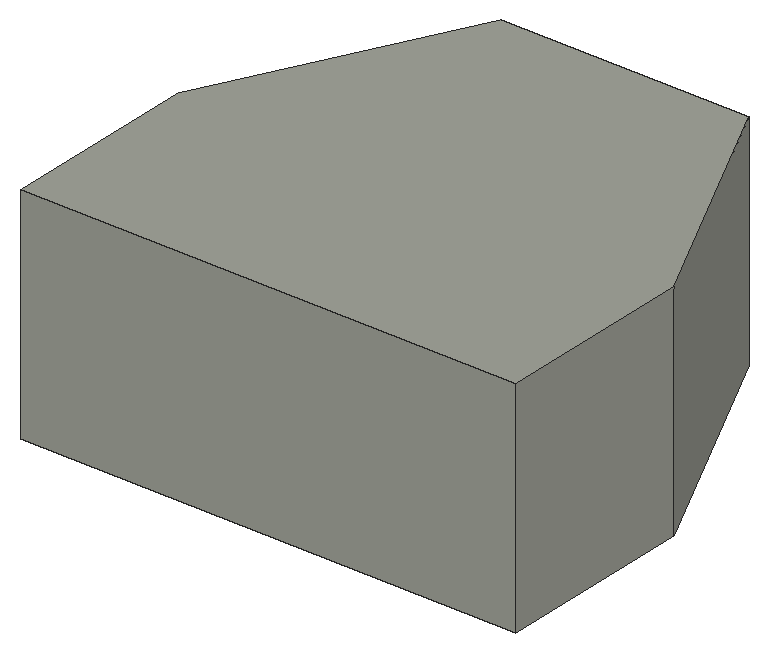
Revit family "Bloco_Triangular", category Structural Foundations, Revit 2025
Family settings
  Material for Model Behavior = Concrete
  Cap = No
  OmniClass Number = 23.25.05.11
  OmniClass Title = Foundation Piles
  Work Plane-Based = No
  Always vertical = Yes
  Cut with Voids When Loaded = No
  Shared = No
  Show family pre-cut in plan views = Yes
Parameters (values of type "BlocoEstacaTri")
  Width Indent = 0.500 m
  Width = 2.000 m
  Structural Material [instance] = CT_Concreto
  Length 1 = 0.800 m
  Length = 1.800 m
  Foundation Thickness = 0.900 m
  Distance 1 = 1 / 3 * (Length - 2 * Clearance)  # 0.300 m
  Cut-off = 0.150 m
  Clearance = 0.450 m
  Assembly Code = "A1010130"
Reference planes (m)
  plane 1 "Center (Front/Back)": y = 0
  plane 2: z = 0
  plane 3 "Center (Left/Right)": x = 0
  plane 4: z = -0.9
  plane 5: y = 1.05
  plane 6: x = -1
  plane 7: x = 1
  plane 8: x = -0.5
  plane 9: y = -0.3
  plane 10: z = -0.75
  plane 11: x = 0.5
  plane 12: x = -0.55
  plane 13: x = 0.55
  plane 14: y = 0.05
  plane 15: y = 0.6
  plane 16: y = -0.75
Forms (m)
  Extrusion 1, solid, material "CT_Concreto" <- "Structural Material"
    sketch origin (0, 0, 0) x (1, 0, 0) y (0, 1, 0)
      loop
        line (-0.5, 1.05) -> (-1, 0.05) -> (-1, -0.75) -> (1, -0.75) -> (1, 0.05) -> (0.5, 1.05) -> (-0.5, 1.05)
    from -0.9 to 0
Dimensions and locks (m)
  "Foundation Thickness": plane 2 to plane 4
  equal spacing: plane 6, plane 3 "Center (Left/Right)", plane 7  (x2)
  "Width": plane 6 to plane 7
  plane 8 to plane 3 "Center (Left/Right)" = 0.500 m
  "Width Indent": plane 6 to plane 8
  "Cut-off": plane 4 to plane 10
  "Width Indent": plane 11 to plane 7
  "Clearance": plane 6 to plane 12
  "Clearance": plane 13 to plane 7
  "Distance 1": plane 9 to plane 1 "Center (Front/Back)"
  "Clearance": plane 15 to plane 5
  "Clearance": plane 9 to plane 16
  "Length 1": plane 14 to plane 16
  "Length": plane 5 to plane 16
  aligned and locked: plane 6 to Extrusion 1 sketch curve
  aligned and locked: Extrusion 1 sketch curve to plane 5
  aligned and locked: Extrusion 1 sketch curve to plane 7
  aligned and locked: plane 14 to Extrusion 1 sketch curve  (x2)
  aligned and locked: plane 8 to Extrusion 1 sketch curve
  aligned and locked: plane 11 to Extrusion 1 sketch curve
  aligned and locked: plane 4 to Extrusion 1
  aligned and locked: level to Extrusion 1
  aligned and locked: Extrusion 1 to plane 16
Automatic sketch dimensions
  plane 9 to Extrusion 1 sketch curve = 0.450 m
